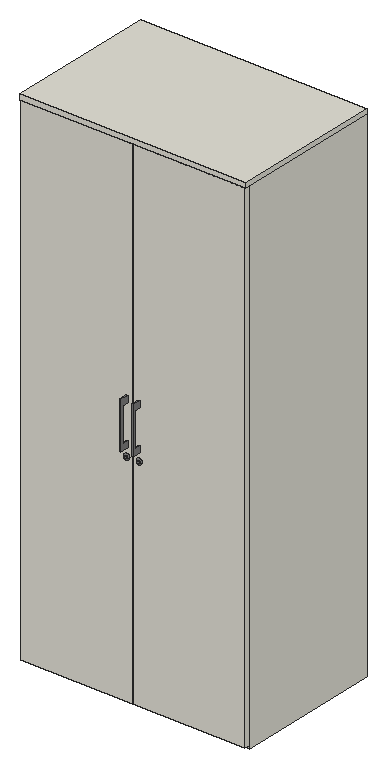
Revit family "Haworth_BeHold_StorageCabinet", category Furniture Systems, Revit 2018
Family settings
  Round Connector Dimension = Use Diameter
  Part Type = Normal
  OmniClass Number = 23.40.70.14.64.21
  OmniClass Title = Systems Furniture
  Work Plane-Based = No
  Always vertical = Yes
  Cut with Voids When Loaded = No
  Shared = No
  Room Calculation Point = No
Parameters (values of type "81h 36w 24d")
  With Lock = yes
  Wing Pull = no
  Width = 36.00"
  Warranty = ""
  URL - Product = "https://www.haworth.com/na/en/products/active-storage/be-hold.html"
  URL = "www.haworth.com"
  Sustainability Info = "https://www.haworth.com/company-info/sustainability"
  Standard Widths = "18-36 in. @ 6 in. increments"  # constant formula
  Standard Height = "49-81 in. @ 8 in. increments"  # constant formula
  Size = "Verify Final Dim. w/ Haworth"  # constant formula
  Single Door = no
  Shelf Width = Actual Width - (Panel Thickness * 2)  # 34.50"
  Shelf Height 4 = if(Actual Height < 49.00", 0.00", 15.25")  # 15.25"
  Shelf Height 3 = if(Actual Height = 49.00", 15.25", if(Actual Height = 57.00", 7.25", if(Actual Height = 65.00", 15.25", if(Actual Height = 73.00", 7.25", 15.25"))))  # 15.25"
  Shelf Height 2 = 15.25"  # constant formula
  Shelf Height 1 = 14.94"  # constant formula
  Shelf Depth = Actual Depth - Panel Thickness  # 23.25"
  Revision Number = "1"  # constant formula
  Pull Height = if(Height < 57.00", 25.00", 40.00")  # 40.00"
  Pull Finish = Haworth _ Paint _ Charcoal
  Proud Style = not(Inset Style)  # no
  Panel Thickness = 0.75"  # constant formula
  No Pull = no
  Model = "Haworth Be_Hold"  # constant formula
  Min. Width = 18.00"  # constant formula
  Min. Height = 49.00"  # constant formula
  Max. Width = 36.00"  # constant formula
  Max. Height = 81.00"  # constant formula
  Manufacturer = "Haworth"  # constant formula
  Lock Height = if(Height < 57.00", 20.00", 35.00")  # 35.00"
  Lock Finish = Haworth _ Paint _ Charcoal
  Linear Pull = yes
  Inset Style Width = Actual Depth - 0.19"  # 23.81"
  Inset Style = yes
  Height = 81.00"
  Double Doors = not(Single Door)  # yes
  Single Door Width = Actual Width  # 36.00"
  Double Door Width = (Actual Width - 0.25") / 2  # 17.875"
  Door Height = Actual Height - 1.05"  # 79.95"
  Door Finish [instance] = Haworth _ Laminate _ Beige H-34
  Description = "Haworth - Be_Hold - Freestanding Storage - Storage Cabinet"
  Custom Size = not(and(or(Height = 49.00", Height = 57.00", Height = 65.00", Height = 73.00", Height = 81.00")))  # no
  Cresent Pull = no
  Classic Pull = not(or(Linear Pull, Wing Pull, Cresent Pull, No Pull))  # no
  Case Finish [instance] = Haworth _ Laminate _ Beige H-34
  Case Edge Finish [instance] = Haworth _ Laminate _ Beige H-34
  Base Height = 0.75"  # constant formula
  Author = "Haworth (Abd Rahman)"  # constant formula
  Assembly Code = "E2020200"
  Actual Width = if(Width < Min. Width, Min. Width, if(Width > Max. Width, Max. Width, Width))  # 36.00"
  Actual Shelf 4 = Actual Height > 65.00"  # yes
  Actual Shelf 3 = Actual Height > 49.00"  # yes
  Actual Shelf 2 = Actual Height < 90.00"  # yes
  Actual Shelf 1 = Actual Height < 90.00"  # yes
  Actual Height = if(Height > Max. Height, Max. Height, if(Height < Min. Height, Min. Height, Height))  # 81.00"
  Actual Depth = if([16in. Depth], 16.00", 24.00")  # 24.00"
  Standard Depths = "16, 24 in"  # constant formula
  24in. Depth = yes
  16in. Depth = not([24in. Depth])  # no
Types (4): name | Width | Single Door | Shelf Width | Shelf Depth | Inset Style Width | Double Doors | Single Door Width | Double Door Width | Actual Width | Actual Depth | 24in. Depth | 16in. Depth
  81h 36w 16d | 36.00" | no | 34.50" | 15.25" | 15.81" | yes | 36.00" | 17.875" | 36.00" | 16.00" | no | yes
  81h 18w 16d | 18.00" | yes | 16.50" | 15.25" | 15.81" | no | 18.00" | 8.875" | 18.00" | 16.00" | no | yes
  81h 36w 24d | 36.00" | no | 34.50" | 23.25" | 23.81" | yes | 36.00" | 17.875" | 36.00" | 24.00" | yes | no
  81h 18w 24d | 18.00" | yes | 16.50" | 23.25" | 23.81" | no | 18.00" | 8.875" | 18.00" | 24.00" | yes | no
Reference planes (in)
  plane 1: z = 0
  plane 2 "Center L/R": x = -6.17556
  plane 3 "Center F/B": y = -11.5
  plane 4 "Bottom": z = 0
  plane 5 "Back": y = 0.5
  plane 6 "Front": y = -23.5
  plane 7 "Right": x = 11.82444
  plane 8 "Left": x = -24.17556
  plane 9: z = 81
  plane 10: x = 11.07444
  plane 11: x = -23.42556
  plane 12: z = 80.25
  plane 13: z = 0.75
  plane 14: y = -0.25
  plane 15: z = 48.44
  plane 16: z = 32.44
  plane 17: z = 16.44
  plane 18: z = 15.69
  plane 19: z = 31.69
  plane 20: z = 47.69
  plane 21: y = 0.3125
  plane 22: y = -22.72441
  plane 23: z = 80.125
  plane 24: z = 0.165
  plane 25: z = 63.69
  plane 26: z = 64.44
  plane 27: z = 64.44
  plane 28: y = -0.4375
Forms (in)
  Extrusion 1, solid, material "Haworth _ Laminate _ Beige H-34" <- "Case Finish", visible <- "Inset Style"
    sketch origin (0, 0, 0) x (1, 0, 0) y (0, 1, 0)
      loop
        line (-24.17556, 0.5) -> (-24.17556, -22.72441) -> (-23.42556, -22.72441) -> (-23.42556, 0.5) -> (-24.17556, 0.5)
      loop
        line (11.82444, -22.72441) -> (11.82444, 0.5) -> (11.07444, 0.5) -> (11.07444, -22.72441) -> (11.82444, -22.72441)
    from 0 to 80.25
  Extrusion 2, solid, material "Haworth _ Laminate _ Beige H-34" <- "Case Finish", visible <- "Inset Style"
    sketch origin (0, 0, -58.25) x (1, 0, 0) y (0, 1, 0)
      loop
        line (-23.42556, -0.25) -> (-23.42556, -22.72441) -> (11.07444, -22.72441) -> (11.07444, -0.25) -> (-23.42556, -0.25)
    from 58.25 to 59
  Extrusion 3, solid, material "Haworth _ Laminate _ Beige H-34" <- "Case Finish", visible <- "Proud Style"
    sketch origin (-17.1098, 32.76663, 0) x (1, 0, 0) y (0, 1, 0)
      loop
        line (-7.06576, -32.26663) -> (-7.06576, -33.01663) -> (28.93424, -33.01663) -> (28.93424, -32.26663) -> (-7.06576, -32.26663)
    from 0 to 80.25
  Extrusion 4, solid, material "Haworth _ Laminate _ Beige H-34" <- "Case Finish", visible <- "Inset Style"
    sketch origin (0, -0.375, 0) x (1, 0, 0) y (0, 1, 0)
      loop
        line (-23.42556, 0.6875) -> (-23.42556, -0.0625) -> (11.07444, -0.0625) -> (11.07444, 0.6875) -> (-23.42556, 0.6875)
    from 0 to 80.25
  Extrusion 5, solid, material "Haworth _ Laminate _ Beige H-34" <- "Case Finish"
    sketch origin (7, -12, 6) x (1, 0, 0) y (0, 1, 0)
      loop
        line (-31.17556, 12.5) -> (-31.17556, -11.5) -> (4.82444, -11.5) -> (4.82444, 12.5) -> (-31.17556, 12.5)
    from 74.25 to 75
  Extrusion 6, solid, material "Haworth _ Laminate _ Beige H-34" <- "Case Finish", visible <- "Proud Style"
    sketch origin (0, 0, 0) x (1, 0, 0) y (0, 1, 0)
      loop
        line (-24.17556, -0.25) -> (-24.17556, -22.72441) -> (-23.42556, -22.72441) -> (-23.42556, -0.25) -> (-24.17556, -0.25)
      loop
        line (11.07444, -0.25) -> (11.07444, -22.72441) -> (11.82444, -22.72441) -> (11.82444, -0.25) -> (11.07444, -0.25)
    from 0 to 80.25
Lines and regions (in)
  Masking region 1, visible <- "Proud Style"
    outline origin (0, 0, 0) x (1, 0, 0) y (0, 1, 0)
      loop
        line (-24.17556, 0.5) -> (-24.17556, -22.72441) -> (11.82444, -22.72441) -> (11.82444, 0.5) -> (-24.17556, 0.5)
  Masking region 2, visible <- "Inset Style"
    outline origin (0, 0, 0) x (1, 0, 0) y (0, 1, 0)
      loop
        line (11.82444, -23.5) -> (11.82444, 0.5) -> (11.07444, 0.5) -> (11.07444, 0.3125) -> (-23.42556, 0.3125) -> (-23.42556, 0.5) -> (-24.17556, 0.5) -> (-24.17556, -23.5) -> (11.82444, -23.5)
      loop
        line (-23.42556, -0.25) -> (-23.42556, -23.125) -> (11.07444, -23.125) -> (11.07444, -0.25) -> (-23.42556, -0.25)
  symbolic lines, style "Haworth", visible <- "Proud Style"
    curve 1: line (-23.42556, 0.125, 0) -> (11.07444, 0.125, 0)
    curve 2: line (-23.42556, -23.125, 0) -> (-23.42556, 0.125, 0)
    curve 3: line (11.07444, -23.125, 0) -> (-23.42556, -23.125, 0)
    curve 4: line (11.07444, 0.125, 0) -> (11.07444, -23.125, 0)
    curve 5: line (-23.42556, 0.5, 0) -> (-23.42556, 0.125, 0)
    curve 8: line (11.07444, 0.125, 0) -> (11.07444, 0.5, 0)
  symbolic lines, style "Haworth"
    curve 6: line (-23.42556, -23.125, 0) -> (-23.42556, -23.5, 0)
    curve 7: line (11.07444, -23.125, 0) -> (11.07444, -23.5, 0)
  symbolic lines, style "Haworth", visible <- "Inset Style"
    curve 9: line (-23.42556, 0.3125, 0) -> (-23.42556, -0.4375, 0)
    curve 10: line (11.07444, 0.3125, 0) -> (11.07444, -0.4375, 0)
Dimensions and locks (in)
  equal spacing: plane 8 "Left", plane 2 "Center L/R", plane 7 "Right"
  "Actual Width": plane 8 "Left" to plane 7 "Right"
  equal spacing: plane 5 "Back", plane 3 "Center F/B", plane 6 "Front"
  "Actual Depth": plane 5 "Back" to plane 6 "Front"
  "Actual Height": plane 9 to plane 4 "Bottom"
  "Panel Thickness": plane 9 to plane 12
  "Base Height": plane 13 to plane 4 "Bottom"
  "Panel Thickness": plane 10 to plane 7 "Right"
  "Panel Thickness": plane 8 "Left" to plane 11
  "Panel Thickness": plane 14 to plane 5 "Back"
  "Shelf Height 1": plane 18 to plane 13
  "Shelf Height 2": plane 19 to plane 17
  "Shelf Height 3": plane 20 to plane 16
  locked: plane 15 to plane 20 at 0.75
  locked: plane 16 to plane 19 at 0.75
  locked: plane 17 to plane 18 at 0.75
  locked: plane 12 to plane 23 at 0.125
  locked: plane 24 to plane 4 "Bottom" at 0.165
  plane 5 "Back" to plane 21 to plane 14 = 0.1875", 0.5625"
  plane 6 "Front" to plane 22 = 0.77559"
  locked: plane 26 to plane 25 at 0.75
  "Shelf Height 4": plane 25 to plane 15
  locked: plane 28 to plane 14 at 0.1875
  aligned and locked: plane 2 "Center L/R" to nested 1
  aligned and locked: plane 3 "Center F/B" to nested 1
  aligned and locked: plane 2 "Center L/R" to nested 2
  aligned and locked: plane 3 "Center F/B" to nested 2
  aligned and locked: plane 2 "Center L/R" to nested 3
  aligned and locked: plane 3 "Center F/B" to nested 3
  aligned and locked: plane 17 to nested 1
  aligned and locked: plane 16 to nested 3
  aligned and locked: plane 15 to nested 2
  aligned and locked: nested 1 to plane 18
  aligned and locked: nested 1 to plane 17
  aligned and locked: nested 3 to plane 19
  aligned and locked: nested 3 to plane 16
  aligned and locked: nested 2 to plane 20
  aligned and locked: nested 2 to plane 15
  aligned and locked: Extrusion 1 sketch curve to plane 7 "Right"
  aligned and locked: Extrusion 1 sketch curve to plane 5 "Back"  (x2)
  aligned and locked: plane 10 to Extrusion 1 sketch curve
  aligned and locked: plane 8 "Left" to Extrusion 1 sketch curve
  aligned and locked: plane 11 to Extrusion 1 sketch curve
  aligned and locked: Extrusion 1 to plane 4 "Bottom"
  aligned and locked: plane 12 to Extrusion 4
  aligned and locked: plane 12 to Extrusion 3
  aligned and locked: plane 21 to Extrusion 4
  aligned and locked: Extrusion 5 to plane 12
  aligned and locked: Extrusion 5 to plane 9
  aligned and locked: plane 5 "Back" to Extrusion 5
  aligned and locked: Extrusion 3 to plane 4 "Bottom"
  aligned and locked: Extrusion 4 to plane 4 "Bottom"
  aligned and locked: curve 1 to nested 1
  aligned and locked: curve 2 to nested 1
  aligned and locked: curve 3 to nested 1
  aligned and locked: curve 4 to nested 1
  aligned and locked: Masking region 2 sketch curve to plane 21
  aligned and locked: plane 11 to curve 9
  aligned and locked: curve 7 to plane 10
  aligned and locked: curve 10 to plane 10
  aligned and locked: plane 5 "Back" to Masking region 2  (x2)
  aligned and locked: Masking region 2 to plane 6 "Front"
  aligned and locked: plane 6 "Front" to nested 4
  aligned and locked: Extrusion 1 sketch curve to plane 22  (x2)
  aligned and locked: plane 8 "Left" to Extrusion 5 sketch curve
  aligned and locked: Extrusion 5 sketch curve to plane 7 "Right"
  aligned and locked: plane 7 "Right" to nested 6
  aligned and locked: nested 6 to plane 6 "Front"
  aligned and locked: plane 6 "Front" to nested 5
  aligned and locked: plane 6 "Front" to Extrusion 5 sketch curve
  aligned and locked: Extrusion 5 sketch curve to plane 5 "Back"
  aligned and locked: plane 1 to plane 4 "Bottom"
  aligned and locked: nested 7 to plane 25
  aligned and locked: plane 26 to nested 7
  aligned and locked: plane 10 to nested 7
  aligned and locked: nested 7 to plane 11
  aligned and locked: nested 6 to plane 12
  aligned and locked: plane 12 to nested 4
  aligned and locked: plane 12 to nested 5
  aligned and locked: plane 2 "Center L/R" to nested 4
  aligned and locked: plane 2 "Center L/R" to nested 5
  aligned and locked: Extrusion 2 sketch curve to plane 11
  aligned and locked: plane 14 to Extrusion 2 sketch curve
  aligned and locked: Extrusion 2 sketch curve to plane 10
  aligned and locked: plane 8 "Left" to Extrusion 3 sketch curve
  aligned and locked: Extrusion 3 sketch curve to plane 7 "Right"
  aligned and locked: Extrusion 3 sketch curve to plane 5 "Back"
  aligned and locked: Extrusion 3 sketch curve to plane 14
  aligned and locked: plane 14 to Extrusion 6 sketch curve  (x2)
  aligned and locked: plane 10 to Extrusion 6 sketch curve
  aligned and locked: Extrusion 6 sketch curve to plane 7 "Right"
  aligned and locked: plane 11 to Extrusion 6 sketch curve
  aligned and locked: plane 8 "Left" to Extrusion 6 sketch curve
  aligned and locked: Extrusion 6 sketch curve to plane 22  (x2)
  aligned and locked: plane 12 to Extrusion 6
  aligned and locked: Extrusion 6 to level
  aligned and locked: plane 11 to Extrusion 4
  aligned and locked: Masking region 2 to plane 8 "Left"
  aligned and locked: Masking region 1 to plane 8 "Left"
  aligned and locked: plane 7 "Right" to Masking region 2
  aligned and locked: plane 7 "Right" to Masking region 1
  aligned and locked: plane 10 to Extrusion 4
  aligned and locked: Extrusion 4 to plane 28
Automatic sketch dimensions
  plane 6 "Front" to Extrusion 2 sketch curve = 0.77559"
  curve 7 to plane 6 "Front" = 0.00"
  curve 6 to plane 6 "Front" = 0.00"
  curve 10 to plane 21 = 0.00"
  curve 9 to plane 21 = 0.00"
  curve 8 to plane 5 "Back" = 0.00"
  curve 5 to plane 5 "Back" = 0.00"
  plane 14 to curve 9 = 0.1875"
  plane 14 to curve 10 = 0.1875"
  plane 11 to Extrusion 4 sketch curve = 0.00"
  plane 10 to Extrusion 4 sketch curve = 0.00"
  plane 21 to Extrusion 4 sketch curve = 0.00"
  plane 14 to Extrusion 4 sketch curve = 0.1875"
  Masking region 2 sketch curve to plane 11 = 0.00"  (x2)
  Masking region 2 sketch curve to plane 10 = 0.00"  (x2)
  plane 14 to Masking region 2 sketch curve = 0.00"
  plane 5 "Back" to Masking region 2 sketch curve = 0.00"
  Masking region 2 sketch curve to plane 5 "Back" = 0.00"
  plane 6 "Front" to Masking region 2 sketch curve = 0.375"
  Masking region 2 sketch curve to plane 6 "Front" = 0.00"
  plane 22 to Masking region 1 sketch curve = 0.00"
  plane 11 to Masking region 1 sketch curve = 0.75"
  plane 10 to Masking region 1 sketch curve = 0.75"
  Masking region 2 sketch curve to Masking region 2 sketch curve = 0.75"
  plane 10 to Masking region 2 sketch curve = 0.75"
  Masking region 1 sketch curve to plane 5 "Back" = 0.00"
Nested families (in)
  nested 1: "Haworth_Shelf" at (-14.42556, -15.75, 15.69), type "Haworth_Shelf"
    with Shelf Depth 23.25"
  nested 2: "Haworth_Shelf" at (-14.42556, -15.75, 47.69), visible <- "Actual Shelf 3", type "Haworth_Shelf"
    with Shelf Depth 23.25"
  nested 3: "Haworth_Shelf" at (-14.42556, -15.75, 31.69), visible <- "Actual Shelf 2", type "Haworth_Shelf"
    with Shelf Depth 23.25"
  nested 4: "Haworth_BeHold_Door_Hinged_PART" at (1.58174, -23.09476, 0.3), visible <- "Double Doors", With Lock <- "With Lock", type "Door - Double"
    with Wing Pull Act no, Wing Pull no, Lock Top Offset 35.00", Lock Side Offset 1.00", Linear Pull Act yes, Linear Pull yes, Pull Offset Centerline 1.00", Pull Height Centerline 40.00", Door Width 17.875", Door Height 79.95"
  nested 5: "Haworth_BeHold_Door_Hinged_PART" at (-13.93285, -23.09476, 0.3) x (-1, 0, 0) z (0, 0, 1), visible <- "Double Doors", With Lock <- "With Lock", type "Door - Double"
    with Wing Pull Act no, Wing Pull no, Lock Top Offset 35.00", Lock Side Offset 1.00", Linear Pull Act yes, Linear Pull yes, Pull Offset Centerline 1.00", Pull Height Centerline 40.00", Door Width 17.875", Door Height 79.95"
  nested 6: "Haworth_BeHold_Door_Hinged_PART" at (-4.99535, -23.09476, 0.3) x (-1, 0, 0) z (0, 0, 1), visible <- "Single Door", With Lock <- "With Lock", type "Door"
    with With Lock yes, Wing Pull Act no, Wing Pull no, Lock Top Offset 35.00", Lock Side Offset 1.00", Linear Pull Act yes, Linear Pull yes, Pull Offset Centerline 1.00", Pull Height Centerline 40.00", Door Width 36.00", Door Height 79.95"
  nested 7: "Haworth_Shelf" at (-14.42556, -15.75, 63.69), visible <- "Actual Shelf 4", type "Haworth_Shelf"
    with Shelf Depth 23.25"
Definition of nested family "Haworth_Shelf"
  Parameters (values of type "Haworth_Shelf")
    Warranty = ""
    URL - Product = ""
    URL = "www.haworth.com"
    Sustainability Info = ""
    Size = "Verify Final Dim. w/ Haworth"  # constant formula
    Shelf Width = 34.50"
    Shelf Thickness = 0.75"
    Shelf Finish = none
    Shelf Depth = 13.25"
    Revision Number = ""
    OmniClass Number = ""
    Material Options = ""
    Manufacturer = "Haworth"  # constant formula
    LEED Data = ""
    Author = "SHAPE Environments, LLC"  # constant formula
    Assembly Code = ""
  Reference planes (in)
    plane 1 "Center F/B": y = 4.25
    plane 2: z = 0
    plane 3 "Center L/R": x = 8.25
    plane 4 "Panel Left": x = -9
    plane 5 "Panel Right": x = 25.5
    plane 6 "Panel Back": y = 10.875
    plane 7 "Panel Front": y = -2.375
    plane 8 "Panel Top": z = 0.75
    plane 9 "Center (T/B)": z = 0.375
  Forms (in)
    Extrusion 1, solid, material <- "Shelf Finish"
      sketch origin (0, 0, 0) x (1, 0, 0) y (0, 1, 0)
        loop
          line (-9, 10.875) -> (-9, -2.375) -> (25.5, -2.375) -> (25.5, 10.875) -> (-9, 10.875)
      from 0 to 0.75
  Dimensions and locks (in)
    equal spacing: plane 6 "Panel Back", plane 1 "Center F/B", plane 7 "Panel Front"
    "Shelf Depth": plane 6 "Panel Back" to plane 7 "Panel Front"
    equal spacing: plane 4 "Panel Left", plane 3 "Center L/R", plane 5 "Panel Right"
    "Shelf Width": plane 4 "Panel Left" to plane 5 "Panel Right"
    "Shelf Thickness": plane 8 "Panel Top" to level
    equal spacing: plane 8 "Panel Top", plane 9 "Center (T/B)", level
    aligned and locked: plane 4 "Panel Left" to Extrusion 1 sketch curve
    aligned and locked: Extrusion 1 sketch curve to plane 6 "Panel Back"
    aligned and locked: Extrusion 1 sketch curve to plane 7 "Panel Front"
    aligned and locked: Extrusion 1 sketch curve to plane 5 "Panel Right"
    aligned and locked: plane 8 "Panel Top" to Extrusion 1
Definition of nested family "Haworth_BeHold_Door_Hinged_PART"
  Parameters (values of type "Door")
    With Lock [instance] = yes
    Wing Pull Length = 16.75"
    Wing Pull Act = and(Wing Pull, not(Touch Latch))  # yes
    Wing Pull = yes
    Warranty = "https://www.haworth.com/resources/product-info/warranties"
    URL - Product = ""
    URL = "www.haworth.com"
    Trim Finish = none
    Touch Latch = no
    Revision Number = "1"  # constant formula
    Pull Finish = none
    Note = "Verify Final Dim. w/ Haworth"  # constant formula
    Model = "Haworth Be_Hold"  # constant formula
    Lock Top Offset = 29.1875"
    Lock Side Offset = 2.3125"
    Linear Pull Length = 7.50"
    Linear Pull Act = and(Linear Pull, not(Touch Latch))  # no
    Linear Pull = no
    Front Finish = none
    Front Edge Finish = none
    Description = "Haworth - Be_Hold - Door Part"
    Crescent Pull Act = and(Crescent Pull, not(Touch Latch))  # no
    Crescent Pull = no
    Classic Pull Length = 7.50"
    Classic Pull = no
    Classic Pull Act = and(Classic Pull, not(Touch Latch))  # no
    Assembly Code = ""
    Pull Offset Centerline = 0.00"
    Pull Height Centerline = 31.35547"
    Door Width = 11.875"
    Door Height = 62.71094"
    Door Depth = 0.75"
    Manufacturer = "Haworth"  # constant formula
    Author = "Haworth (Alias)"  # constant formula
  Reference planes (in)
    plane 1 "Center F/B": y = -0.03024
    plane 2: z = 0
    plane 3 "Center L/R": x = 1.1802
    plane 4 "Left": x = -4.7573
    plane 5 "Right": x = 7.1177
    plane 6 "Back": y = 0.34476
    plane 7 "Front": y = -0.40524
    plane 8 "Top": z = 62.71094
    plane 9 "Pull Offset": x = -4.7573
    plane 10 "Pull Height": z = 31.35547
    plane 11 "Lock Vertical": x = -2.4448
    plane 12 "Lock Horizontal": z = 29.1875
    plane 13 "Swing Symbol": y = -3.40524
  Forms (in)
    Extrusion 1, solid, material <- "Front Finish"
      sketch origin (0, -0.03024, 0) x (1, 0, 0) y (0, 0, 1)
        loop
          line (-4.7573, 62.71094) -> (-4.7573, 0) -> (7.1177, 0) -> (7.1177, 62.71094) -> (-4.7573, 62.71094)
      from -0.375 to 0.375
    Revolve 2, solid, material <- "Trim Finish", visible <- "With Lock"
      sketch origin (0, 0, 29.1875) x (0, -1, 0) y (1, 0, 0)
        loop
          line (0.40524, -2.4448) -> (0.53025, -2.4448) -> (0.53025, -2.13233)
          arc (0.53025, -2.13233) -> (0.49364, -2.04391) -> (0.40524, -2.00727) r 0.12506
          line (0.40524, -2.00727) -> (0.40524, -2.4448)
        axis (0.40524, -2.4448) -> (0.53025, -2.4448)
      angle from 0 to 360
  Lines and regions (in)
    Masking region 1
      outline origin (0, 0, 0) x (1, 0, 0) y (0, 1, 0)
        loop
          line (-4.7573, 0.34476) -> (-4.7573, -0.40524) -> (7.1177, -0.40524) -> (7.1177, 0.34476) -> (-4.7573, 0.34476)
    symbolic lines, detail levels fine
      curve 1: line (-4.7573, -0.40524, 62.71094) -> (7.1177, -0.40524, 31.35547)
      curve 2: line (7.1177, -0.40524, 31.35547) -> (-4.7573, -0.40524, 0)
    symbolic lines, not visible, detail levels fine
      curve 3: arc (-4.7573, -0.40524, 29.1875) -> (-4.6606, -1.91755, 29.1875) -> (-4.3721, -3.40524, 29.1875) r 11.875
    symbolic lines, detail levels medium+fine
      curve 4: line (7.1177, -0.40524, 29.1875) -> (-4.3721, -3.40524, 29.1875)
  Dimensions and locks (in)
    "Door Height": plane 8 "Top" to level
    equal spacing: plane 6 "Back", plane 1 "Center F/B", plane 7 "Front"
    "Door Depth": plane 6 "Back" to plane 7 "Front"
    equal spacing: plane 4 "Left", plane 3 "Center L/R", plane 5 "Right"
    "Door Width": plane 4 "Left" to plane 5 "Right"
    "Pull Offset Centerline": plane 9 "Pull Offset" to plane 4 "Left"
    "Pull Height Centerline": plane 10 "Pull Height" to level
    equal spacing: plane 8 "Top", curve 2, plane 2
    "Lock Side Offset": plane 4 "Left" to plane 11 "Lock Vertical"
    locked: Revolve 2 sketch curve to plane 7 "Front" at 0.12502
    locked: plane 11 "Lock Vertical" to Revolve 2 sketch curve at 0.43753
    "Lock Top Offset": plane 12 "Lock Horizontal" to plane 2
    locked: plane 13 "Swing Symbol" to plane 7 "Front" at 3
    "Door Width": radius of curve 3
    aligned and locked: plane 4 "Left" to Extrusion 1 sketch curve
    aligned and locked: Extrusion 1 sketch curve to plane 5 "Right"
    aligned and locked: Extrusion 1 sketch curve to plane 8 "Top"
    aligned and locked: level to Extrusion 1 sketch curve
    aligned and locked: plane 6 "Back" to Extrusion 1
    aligned and locked: Extrusion 1 to plane 7 "Front"
    aligned and locked: Extrusion 1 to plane 4 "Left"
    aligned and locked: plane 9 "Pull Offset" to nested 1
    aligned and locked: plane 10 "Pull Height" to nested 1
    aligned and locked: nested 1 to plane 7 "Front"
    aligned and locked: plane 11 "Lock Vertical" to Revolve 2 sketch curve  (x2)
    aligned and locked: plane 7 "Front" to Revolve 2 sketch curve
    aligned and locked: plane 5 "Right" to curve 3
    aligned and locked: plane 7 "Front" to curve 3
    aligned and locked: plane 5 "Right" to curve 4
    aligned and locked: plane 13 "Swing Symbol" to curve 4
  Automatic sketch dimensions
    Masking region 1 sketch curve to plane 5 "Right" = 0.00"
    curve 1 to plane 5 "Right" = 0.00"
    curve 1 to plane 4 "Left" = 0.00"
    curve 2 to level = 0.00"
    curve 2 to plane 4 "Left" = 0.00"
    curve 1 to plane 8 "Top" = 0.00"
    Masking region 1 sketch curve to plane 4 "Left" = 0.00"
    Masking region 1 sketch curve to plane 7 "Front" = 0.00"
    Masking region 1 sketch curve to plane 6 "Back" = 0.00"
    plane 7 "Front" to Revolve 2 sketch curve = 0.00004"
    plane 6 "Back" to Revolve 2 sketch curve = 0.75"
    Revolve 2 sketch curve to Revolve 2 sketch curve = 1.62498"
    curve 4 to plane 7 "Front" = 0.00"
  Nested families (in)
    nested 1: "Haworth_DoorHinged-Pulls_PART" at (-3.47415, -0.375, 31.35547), type "Pull"
      with Wing Pull Length 16.75", Wing yes, Linear Pull Length 7.50", Classic Pull Length 7.50", Classic no
  Definition of nested family "Haworth_DoorHinged-Pulls_PART"
    Parameters (values of type "Pull")
      Working Distance = 0.00"  # constant formula
      Wing Pull Length = 8.31"
      Wing = no
      Warranty = "https://www.haworth.com/resources/product-info/warranties"
      URL - Product = ""
      URL = "www.haworth.com"
      Trim Finish = none
      Revision Number = "1"  # constant formula
      Model = "Haworth Be_Hold"  # constant formula
      Manufacturer = "Haworth"  # constant formula
      Linear Pull Length = 7.13"
      Linear = no
      Description = "Haworth - Be_Hold - Door Pulls"
      Cresent = no
      Classic Pull Length = 8.00"
      Classic = yes
      Author = "Haworth (Alias)"  # constant formula
      Assembly Code = ""
    Reference planes (in)
      plane 1 "Center F/B": y = -0.03024
      plane 2 "Center": z = 0
      plane 3 "Center L/R": x = -1.28314
      plane 4 "Right": x = -0.78314
      plane 5 "Left": x = -1.78314
      plane 6 "cresent": x = -1.28314
      plane 7 "classic": x = -1.28314
      plane 8 "linear": x = -1.28314
      plane 9 "Top linear": z = 3.565
      plane 10 "Bottom linear": z = -3.565
      plane 11 "Top classic": z = 4
      plane 12 "Bottom classic": z = -4
      plane 13 "Top wing": z = 4.155
      plane 14 "Bottom wing": z = -4.155
      plane 15 "wing": x = -1.28314
    Forms (in)
      Extrusion 1, solid, material <- "Trim Finish", visible <- "Linear"
        sketch origin (-1.28314, 0, 0) x (0, 0, 1) y (0, -1, 0)
          loop
            line (3.565, 0.03024) -> (3.565, 1.28024) -> (-3.565, 1.28024) -> (-3.565, 0.03024) -> (-2.565, 0.03024) -> (-2.565, 1.03023) -> (2.565, 1.03023) -> (2.565, 0.03024) -> (3.565, 0.03024)
        from 0.125 to -0.125
      Extrusion 2, solid, material <- "Trim Finish", visible <- "Classic"
        sketch origin (-6.90814, -0.03024, 11.41861) x (0, 0, -1) y (1, 0, 0)
          loop
            line (7.41861, 6) -> (7.41861, 5.25)
            arc (7.41861, 5.25) -> (7.79361, 5.625) -> (7.41861, 6) r 0.375
        from 0 to 1
      Extrusion 3, solid, material <- "Trim Finish", visible <- "Classic"
        sketch origin (-6.90814, -0.03024, -4.625) x (0, 0, 1) y (-1, 0, 0)
          loop
            arc (0.625, -6) -> (1, -5.625) -> (0.625, -5.25) r 0.375
            line (0.625, -5.25) -> (0.625, -6)
        from 0 to 1
      Extrusion 4, solid, material <- "Trim Finish", visible <- "Classic"
        sketch origin (-6.90814, -0.03024, 11.41861) x (0, 0, -1) y (1, 0, 0)
          loop
            line (7.41861, 6) -> (7.41861, 5.25) -> (15.41861, 5.25) -> (15.41861, 6) -> (7.41861, 6)
        from 1 to 1.25
      Sweep 5, solid, material <- "Trim Finish", visible <- "Cresent"
        path origin (-1.28314, 0, 0) x (0, 1, 0) y (0, 0, 1)
          loop
            arc (-0.03024, 3.71234) -> (-1.24998, 0.00302) -> (-0.03024, -3.7063) r 6.25
        profile origin (-1.28314, -1.24998, 0.00302) x (1, 0, 0) y (0, 1, 0)
          loop
            circle (0, 0.125) r 0.125
      Extrusion 6, void
        sketch origin (-1.28314, 0, 0) x (0, 0, 1) y (0, -1, 0)
          loop
            line (3.79042, 0.03024) -> (-3.84035, 0.03024) -> (-3.84035, -0.32073) -> (3.79042, -0.32073) -> (3.79042, 0.03024)
        from 0.25 to -0.25
      Sweep 7, solid, material <- "Trim Finish", visible <- "Wing"
        path origin (0, -0.03024, 0) x (1, 0, 0) y (0, 0, 1)
          loop
            line (-1.28314, 4.155) -> (-1.28314, -4.155)
        profile origin (-1.28314, -0.03024, 0) x (0, -1, 0) y (1, 0, 0)
          loop
            line (0, 0) -> (0.79582, 0.27233)
            arc (0.79582, 0.27233) -> (0.85479, 0.40775) -> (0.71462, 0.45433) r 0.10005
            line (0.71462, 0.45433) -> (0, 0.055) -> (0, 0)
      Extrusion 8, void
        sketch origin (-1.28314, 0, 0) x (0, 0, -1) y (0, -1, 0)
          loop
            line (-4.155, 0.03024) -> (-3.77556, 1.07274) -> (-4.155, 1.07274) -> (-4.155, 0.03024)
          loop
            line (4.155, 0.03024) -> (4.155, 1.07274) -> (3.77556, 1.07274) -> (4.155, 0.03024)
        from -0.5 to 0.5
    Cuts and joins
      Extrusion 6 cuts Extrusion 2
      Extrusion 6 cuts Extrusion 3
      Extrusion 6 cuts Extrusion 4
      joined: Extrusion 2, Extrusion 3, Extrusion 4
      Extrusion 6 cuts Extrusion 1
      Extrusion 6 cuts Sweep 5
      Extrusion 8 cuts Sweep 7
    Lines and regions (in)
      symbolic lines, detail levels fine
        curve 1: line (-1.40814, -0.03024, 0) -> (-1.15848, -0.03024, 0)
    Dimensions and locks (in)
      equal spacing: plane 4 "Right", plane 3 "Center L/R", plane 5 "Left"
      locked: plane 4 "Right" to plane 5 "Left" at 1
      cut or joined group of Extrusion 2, Extrusion 3, Extrusion 4, Extrusion 6 to plane 7 "classic" to cut or joined group of Extrusion 2, Extrusion 3, Extrusion 4, Extrusion 6 = 0.375" locked, 0.375" locked
      locked: Extrusion 6 sketch curve to plane 9 "Top linear" at 0.22542
      locked: plane 10 "Bottom linear" to Extrusion 6 sketch curve at 0.27535
      "Working Distance": plane 3 "Center L/R" to plane 7 "classic"
      "Working Distance": plane 3 "Center L/R" to plane 6 "cresent"
      "Working Distance": plane 3 "Center L/R" to plane 8 "linear"
      locked: plane 9 "Top linear" to Extrusion 1 sketch curve at 1
      locked: plane 10 "Bottom linear" to Extrusion 1 sketch curve at 1
      equal spacing: plane 9 "Top linear", plane 2 "Center", plane 10 "Bottom linear"
      "Linear Pull Length": plane 9 "Top linear" to plane 10 "Bottom linear"
      equal spacing: plane 11 "Top classic", plane 2 "Center", plane 12 "Bottom classic"
      "Classic Pull Length": plane 11 "Top classic" to plane 12 "Bottom classic"
      equal spacing: plane 14 "Bottom wing", plane 2 "Center", plane 13 "Top wing"
      "Wing Pull Length": plane 13 "Top wing" to plane 14 "Bottom wing"
      "Working Distance": plane 3 "Center L/R" to plane 15 "wing"
      locked: Extrusion 8 sketch curve to plane 1 "Center F/B" at 1.0425  (x2)
      locked: plane 13 "Top wing" to Extrusion 8 sketch curve at 0.37944
      locked: plane 14 "Bottom wing" to Extrusion 8 sketch curve at 0.37944
      locked: Extrusion 8 to plane 15 "wing" at 0.5
      locked: plane 15 "wing" to Extrusion 8 at 0.5
      aligned: Extrusion 1 to plane 1 "Center F/B"  (x2)
      aligned and locked: level to plane 2 "Center"
      aligned and locked: plane 6 "cresent" to Sweep 5 sketch curve
      aligned and locked: Extrusion 1 sketch curve to plane 9 "Top linear"
      aligned and locked: plane 10 "Bottom linear" to Extrusion 1 sketch curve
      aligned and locked: plane 1 "Center F/B" to curve 1
      aligned and locked: Extrusion 4 sketch curve to plane 11 "Top classic"
      aligned and locked: plane 12 "Bottom classic" to Extrusion 4 sketch curve
      aligned and locked: plane 11 "Top classic" to Extrusion 2 sketch curve  (x2)
      aligned and locked: plane 7 "classic" to Extrusion 2 sketch curve
      aligned and locked: plane 7 "classic" to Extrusion 3 sketch curve
      aligned and locked: plane 12 "Bottom classic" to Extrusion 3 sketch curve  (x2)
      aligned and locked: plane 15 "wing" to Sweep 7 sketch curve
      aligned and locked: plane 14 "Bottom wing" to Sweep 7 sketch curve
      aligned and locked: plane 13 "Top wing" to Sweep 7 sketch curve
      aligned and locked: plane 13 "Top wing" to Extrusion 8 sketch curve
      aligned and locked: Extrusion 8 sketch curve to plane 14 "Bottom wing"
    Automatic sketch dimensions
      Sweep 5 sketch curve to plane 1 "Center F/B" = 0.00"  (x2)
      level to Sweep 5 sketch curve = 0.00302"
      Sweep 5 sketch curve to plane 1 "Center F/B" = 5.03025"
      Sweep 5 sketch curve to profile plane = 0.125"
      Sweep 5 sketch curve to level = 3.7063"
      Extrusion 6 sketch curve to plane 1 "Center F/B" = 0.00"
      Extrusion 6 sketch curve to plane 1 "Center F/B" = 0.35096"
      Extrusion 1 sketch curve to plane 1 "Center F/B" = 0.00"  (x2)
      plane 1 "Center F/B" to Extrusion 1 sketch curve = 1.00"
      Extrusion 1 sketch curve to Extrusion 1 sketch curve = 0.25"
      plane 5 "Left" to Extrusion 4 sketch curve = 0.125"
      Extrusion 4 sketch curve to plane 4 "Right" = 0.125"
      plane 5 "Left" to Extrusion 2 sketch curve = 0.125"
      Extrusion 3 sketch curve to plane 4 "Right" = 0.125"
      plane 1 "Center F/B" to Sweep 7 sketch curve = 0.71462"
      Sweep 7 sketch curve to Sweep 7 sketch curve = 0.0488"
      Sweep 7 sketch curve to profile plane = 0.27233"
      Sweep 7 sketch curve to Sweep 7 sketch curve = 0.03239"
      Sweep 7 sketch curve to Sweep 7 sketch curve = 0.09466"
      plane 1 "Center F/B" to Sweep 7 sketch curve = 0.00"
      Sweep 7 sketch curve to profile plane = 0.00"
      Sweep 7 sketch curve to Sweep 7 sketch curve = 0.055"
      Extrusion 8 sketch curve to plane 1 "Center F/B" = 0.00"  (x2)
      plane 3 "Center L/R" to curve 1 = 0.12466"
      curve 1 to plane 3 "Center L/R" = 0.125"
      radius of Sweep 5 sketch curve = 0.125"
